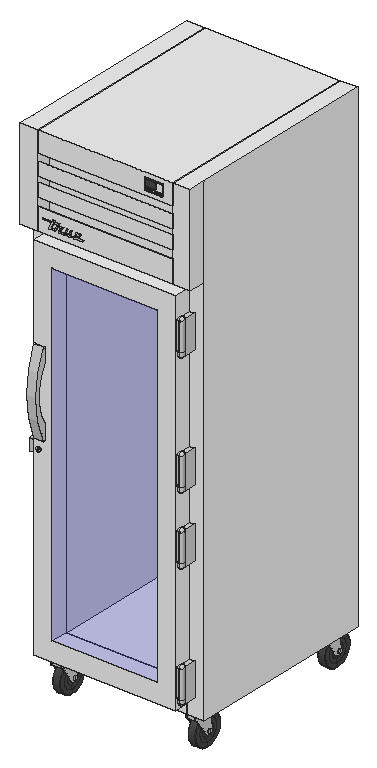
Revit family
Parameters
  Weight in Pounds = 0
  Watts = 1500 W
  Volts = 208 V
  URL Cutsheet = "www.truemfg.com"
  URL = "www.truemfg.com"
  Type Mark [instance] = ""
  Type Comments = ""
  Status [instance] = ""
  Specification by User [instance] = ""
  Specification by Manufacturer = ""
  Show Seismic Flanged [instance] = no
  Show Logo [instance] = yes
  Show Legs [instance] = no
  Show Clearance [instance] = yes
  Serial Number = ""
  Seismic Rating = ""
  Seismic Plate [instance] = and(Show Seismic Flanged, not(Show Casters))  # no
  SMACNA No = ""
  Revision Code [instance] = ""
  Phase = 1
  Omniclass Number and Title = ""
  Number of Poles [instance] = 1
  NAFEM Spec ID Number = ""
  Model = "STR1H-1G"
  Min Ckt Ampacity = 0 A
  Max Overcurrent Protection = 0 A
  Masterspec = ""
  Manufacturer = "TRUE FOOD SERVICE EQUIPMENT, INC."
  Length = 27 1/2"
  Legs [instance] = or(Show Legs, Show Seismic Flanged)  # no
  Item Number [instance] = ""
  Installed By [instance] = ""
  Identify Quantity as Lot [instance] = yes
  Height = 77 3/4"
  HP = ""
  Furnished By [instance] = ""
  Foodservice Equipment Identifier [instance] = yes
  FL Amps = Watts / Volts  # 7.21154 A
  Electrical Remarks [instance] = ""
  Electric Connection Type [instance] = ""
  Elec Conn RI Height [instance] = 0"
  Elec Conn Connection Height [instance] = 0"
  Description = "Reach-in Glass Swing Door Heated Cabinet"
  Depth = 33 3/4"
  Cycle = 60 Hz
  Conn Plug = "6-15P"
  Conn Conduit = yes
  Show Casters [instance] = and(not(if(Show Legs, Show Legs, Show Legs)), not(if(Show Legs, Show Legs, Show Seismic Flanged)))  # yes
  CSI MasterFormat = ""
  CSI Master Format = ""
  Apparent Power = if(Phase = 3, Volts * FL Amps * 1.73, Volts * FL Amps)  # 1500 VA
Reference planes (in)
  plane 1 "BACK": y = 0
  plane 2: z = 0
  plane 3 "LEFT": x = 0
  plane 4 "RIGHT": x = 27.5
  plane 5 "FRONT": y = -33.75
  plane 6 "TOP": z = 84.125
  plane 7: z = 6.125
  plane 8: x = 2.84375
  plane 9: y = -33.7042
Forms (in)
  Extrusion 1, solid, material "QF_Finishes_Chrome - Satin"
    sketch origin (0.05, 0, 0) x (1, 0, 0) y (0, 1, 0)
      loop
        line (-0.05, 0) -> (-0.05, -31) -> (2.87859, -31) -> (2.87859, 0) -> (-0.05, 0)
    from 6.125 to 84.125
  Extrusion 2, solid, material "QF_Finishes_Chrome - Satin"
    sketch origin (50.15, 0, 0) x (1, 0, 0) y (0, 1, 0)
      loop
        line (-25.44375, 0) -> (-25.44375, -31) -> (-22.65, -31) -> (-22.65, 0) -> (-25.44375, 0)
    from 6.125 to 84.125
  Extrusion 3, solid, material "QF_Finishes_Chrome - Satin"
    sketch origin (0, 0, 0) x (0, 1, 0) y (0, 0, 1)
      loop
        line (-33.7042, 69.5) -> (-31, 69.5) -> (-31, 67) -> (-30, 67) -> (-30, 69.5) -> (-2, 69.5) -> (-2, 8.98627) -> (-31, 8.98627) -> (-31, 6.125) -> (0, 6.125) -> (0, 84.125) -> (-33.7042, 84.125) -> (-33.7042, 80.78078) -> (-31.5, 79.21352) -> (-31.5, 78.09125) -> (-33.7042, 79.65851) -> (-33.7042, 77.5248) -> (-31.5, 75.95754) -> (-31.5, 74.99678) -> (-33.7042, 76.56404) -> (-33.7042, 74.46784) -> (-31.5, 72.90057) -> (-31.5, 71.625) -> (-33.7042, 73.19226) -> (-33.7042, 69.5)
    from 2.92859 to 24.70625
  Extrusion 4, solid, material "QF_Finishes_Chrome - Satin"
    sketch origin (0, 0, 0) x (1, 0, 0) y (0, 1, 0)
      loop
        line (27.45312, -31) -> (24.70625, -31) -> (24.70625, -33.75) -> (27.45312, -33.75) -> (27.45312, -31)
    from 69.5 to 84.125
  Extrusion 5, solid, material "QF_Finishes_Chrome - Satin"
    sketch origin (-50.125, 0, 0.25) x (1, 0, 0) y (0, 1, 0)
      loop
        line (53.05359, -31) -> (50.17188, -31) -> (50.17188, -33.75) -> (53.05359, -33.75) -> (53.05359, -31)
    from 69.25 to 83.875
  Extrusion 6, solid, material "QF_Finishes_Chrome - Satin"
    sketch origin (-24.96875, 0, -0.71875) x (1, 0, 0) y (0, 0, 1)
      loop
        line (27.15625, 8.75) -> (50.09375, 8.75) -> (50.09375, 68.6875) -> (27.15625, 68.6875) -> (27.15625, 8.75)
      loop
        line (30.15625, 65.6875) -> (30.15625, 11.75) -> (47.1875, 11.75) -> (47.1875, 65.6875) -> (30.15625, 65.6875)
    from 31 to 33.75
  Extrusion 7, solid, material "QF_Finishes_Handrails and Railings"
    sketch origin (-8.40259, -0.25, 93.45208) x (0, 1, 0) y (0, 0, 1)
      loop
        line (-33.5, -53.875) -> (-33.5, -51.475)
        arc (-33.5, -51.475) -> (-34.65816, -47.075) -> (-33.5, -42.675) r 8.93715
        line (-33.5, -42.675) -> (-33.5, -40.275) -> (-33.7, -40.275)
        arc (-33.7, -40.275) -> (-35.14405, -47.075) -> (-33.7, -53.875) r 16.7325
        line (-33.7, -53.875) -> (-33.5, -53.875)
    from 10.87731 to 12.37731
  Extrusion 8, solid, material "QF_Finishes_Handrails and Railings"
    sketch origin (-23.375, 0, -2) x (1, 0, 0) y (0, 0, 1)
      loop
        circle (26.4375, 40.0625) r 0.35
      loop
        line (26.47265, 40.33635) -> (26.41715, 40.33635) -> (26.41715, 39.76895) -> (26.47265, 39.76895) -> (26.47265, 40.33635)
    from 33.5 to 33.83066
  Extrusion 9, solid, material "QF_Finishes_Handrails and Railings", visible <- "Show Logo"
    sketch origin (0.33478, 1.08173, -6.73143) x (1, 0, 0) y (0, 0, 1)
      loop
        line (3.46044, 78.46231) -> (3.35478, 78.23573) -> (4.76027, 78.23573)
        arc (4.76027, 78.23573) -> (4.78879, 78.18528) -> (4.76027, 78.13484) r 0.05887
        line (4.76027, 78.13484) -> (4.39369, 77.34872)
        arc (4.39369, 77.34872) -> (4.39051, 77.27591) -> (4.43975, 77.22217) r 0.09523
        line (4.43975, 77.22217) -> (5.33844, 77.22217)
        arc (5.33844, 77.22217) -> (5.45192, 77.25795) -> (5.52436, 77.35235) r 0.19785
        line (5.52436, 77.35235) -> (5.81285, 77.97101) -> (6.0779, 77.97101)
        arc (6.0779, 77.97101) -> (6.14744, 77.94543) -> (6.13737, 77.87203) r 0.05911
        line (6.13737, 77.87203) -> (5.89598, 77.35437)
        arc (5.89598, 77.35437) -> (5.89974, 77.2684) -> (5.97231, 77.22217) r 0.09318
        line (5.97231, 77.22217) -> (6.76198, 77.22217)
        arc (6.76198, 77.22217) -> (6.82249, 77.24419) -> (6.85468, 77.29995) r 0.09412
        arc (6.85468, 77.29995) -> (6.87746, 77.24495) -> (6.93246, 77.22217) r 0.07778
        line (6.93246, 77.22217) -> (7.43246, 77.22217)
        arc (7.43246, 77.22217) -> (7.49022, 77.23765) -> (7.53251, 77.27993) r 0.11552
        arc (7.53251, 77.27993) -> (7.55275, 77.23106) -> (7.60162, 77.21081) r 0.06912
        line (7.60162, 77.21081) -> (8.31225, 77.21081)
        arc (8.31225, 77.21081) -> (8.37034, 77.23488) -> (8.39441, 77.29297) r 0.08216
        arc (8.39441, 77.29297) -> (8.44767, 77.23972) -> (8.52042, 77.22022) r 0.14551
        line (8.52042, 77.22022) -> (9.85158, 77.22022) -> (9.99946, 77.47634) -> (8.65678, 77.47634)
        arc (8.65678, 77.47634) -> (8.61972, 77.50204) -> (8.61834, 77.54711) r 0.05009
        line (8.61834, 77.54711) -> (8.64157, 77.59692)
        arc (8.64157, 77.59692) -> (8.67723, 77.64364) -> (8.73327, 77.66135) r 0.09747
        line (8.73327, 77.66135) -> (9.16485, 77.66135)
        arc (9.16485, 77.66135) -> (9.258, 77.68631) -> (9.32619, 77.7545) r 0.1863
        line (9.32619, 77.7545) -> (9.45119, 77.97101)
        arc (9.45119, 77.97101) -> (9.45119, 78.08657) -> (9.35111, 78.14434) r 0.11556
        line (9.35111, 78.14434) -> (8.89562, 78.14434)
        arc (8.89562, 78.14434) -> (8.7795, 78.12462) -> (8.69849, 78.03912) r 0.18605
        line (8.69849, 78.03912) -> (8.48204, 77.57493)
        arc (8.48204, 77.57493) -> (8.41815, 77.49167) -> (8.31806, 77.46011) r 0.1745
        line (8.31806, 77.46011) -> (7.84559, 77.46011)
        arc (7.84559, 77.46011) -> (7.78903, 77.52184) -> (7.79268, 77.60548) r 0.10939
        line (7.79268, 77.60548) -> (8.04395, 78.14434) -> (7.88403, 78.14434) -> (7.61781, 77.57344)
        arc (7.61781, 77.57344) -> (7.56609, 77.50603) -> (7.48505, 77.48048) r 0.14128
        line (7.48505, 77.48048) -> (7.15925, 77.48048)
        arc (7.15925, 77.48048) -> (7.10419, 77.55223) -> (7.116, 77.64189) r 0.11816
        line (7.116, 77.64189) -> (7.3503, 78.14434) -> (7.18514, 78.14434) -> (6.91546, 77.566)
        arc (6.91546, 77.566) -> (6.85285, 77.50339) -> (6.76733, 77.48048) r 0.17104
        line (6.76733, 77.48048) -> (6.29555, 77.48048)
        arc (6.29555, 77.48048) -> (6.21082, 77.51999) -> (6.20267, 77.61313) r 0.0935
        line (6.20267, 77.61313) -> (6.35774, 77.94569) -> (6.57695, 77.94569)
        arc (6.57695, 77.94569) -> (6.61395, 78.05717) -> (6.69267, 78.14434) r 0.2857
        line (6.69267, 78.14434) -> (5.83605, 78.14434)
        arc (5.83605, 78.14434) -> (5.74086, 78.12324) -> (5.67498, 78.05135) r 0.16212
        line (5.67498, 78.05135) -> (5.44279, 77.55341)
        arc (5.44279, 77.55341) -> (5.3894, 77.50002) -> (5.31647, 77.48048) r 0.14586
        line (5.31647, 77.48048) -> (4.80506, 77.48048)
        arc (4.80506, 77.48048) -> (4.76514, 77.53442) -> (4.77274, 77.60109) r 0.09155
        line (4.77274, 77.60109) -> (5.11018, 78.23573) -> (5.96155, 78.23573) -> (6.06721, 78.46231) -> (5.21584, 78.46231) -> (5.32149, 78.68888) -> (5.01862, 78.68888) -> (4.91297, 78.46231) -> (3.46044, 78.46231)
      loop
        arc (8.83805, 77.93863) -> (8.80119, 77.92875) -> (8.7742, 77.90176) r 0.07373
        line (8.7742, 77.90176) -> (8.75229, 77.83436)
        arc (8.75229, 77.83436) -> (8.76245, 77.80983) -> (8.78699, 77.79966) r 0.0347
        line (8.78699, 77.79966) -> (9.15948, 77.79966)
        arc (9.15948, 77.79966) -> (9.18632, 77.80561) -> (9.20812, 77.82234) r 0.0635
        line (9.20812, 77.82234) -> (9.22624, 77.90622)
        arc (9.22624, 77.90622) -> (9.22091, 77.92868) -> (9.20009, 77.93863) r 0.02676
        line (9.20009, 77.93863) -> (8.83805, 77.93863)
    from 34.76797 to 34.83173
  Extrusion 10, solid, material "QF_Finishes_White"
    sketch origin (-23.16691, 1.06376, 1.58022) x (1, 0, 0) y (0, 0, 1)
      loop
        line (43.31732, 81.73227) -> (43.31732, 79.98496) -> (46.22357, 79.98496) -> (46.22357, 81.73227) -> (43.31732, 81.73227)
    from 34.75 to 34.76797
  Extrusion 11, solid, material "QF_Finishes_Black"
    sketch origin (-23.16691, 1.06376, 1.58022) x (1, 0, 0) y (0, 0, 1)
      loop
        line (46.28607, 81.79477) -> (43.25482, 81.79477) -> (43.25482, 79.92246) -> (46.28607, 79.92246) -> (46.28607, 81.79477)
      loop
        spline (43.45482, 80.25372) -> (43.46333, 80.23754) -> (43.48831, 80.22247) -> (43.52804, 80.20952) -> (43.57982, 80.19959) -> (43.64011, 80.19335) -> (43.70482, 80.19122) -> (43.76952, 80.19335) -> (43.82982, 80.19959) -> (43.88159, 80.20952) -> (43.92132, 80.22247) -> (43.9463, 80.23754) -> (43.95482, 80.25372)
        spline (43.95482, 80.25372) -> (43.9463, 80.26989) -> (43.92132, 80.28497) -> (43.88159, 80.29791) -> (43.82982, 80.30784) -> (43.76952, 80.31409) -> (43.70482, 80.31622) -> (43.64011, 80.31409) -> (43.57982, 80.30784) -> (43.52804, 80.29791) -> (43.48831, 80.28497) -> (43.46333, 80.26989) -> (43.45482, 80.25372)
      loop
        spline (44.15083, 80.25372) -> (44.15935, 80.23754) -> (44.18432, 80.22247) -> (44.22405, 80.20952) -> (44.27583, 80.19959) -> (44.33612, 80.19335) -> (44.40083, 80.19122) -> (44.46553, 80.19335) -> (44.52583, 80.19959) -> (44.57761, 80.20952) -> (44.61734, 80.22247) -> (44.64231, 80.23754) -> (44.65083, 80.25372)
        spline (44.65083, 80.25372) -> (44.64231, 80.26989) -> (44.61734, 80.28497) -> (44.57761, 80.29791) -> (44.52583, 80.30784) -> (44.46553, 80.31409) -> (44.40083, 80.31622) -> (44.33612, 80.31409) -> (44.27583, 80.30784) -> (44.22405, 80.29791) -> (44.18432, 80.28497) -> (44.15935, 80.26989) -> (44.15083, 80.25372)
      loop
        spline (44.90083, 80.25372) -> (44.90935, 80.23754) -> (44.93432, 80.22247) -> (44.97405, 80.20952) -> (45.02583, 80.19959) -> (45.08612, 80.19335) -> (45.15083, 80.19122) -> (45.21553, 80.19335) -> (45.27583, 80.19959) -> (45.32761, 80.20952) -> (45.36734, 80.22247) -> (45.39231, 80.23754) -> (45.40083, 80.25372)
        spline (45.40083, 80.25372) -> (45.39231, 80.26989) -> (45.36734, 80.28497) -> (45.32761, 80.29791) -> (45.27583, 80.30784) -> (45.21553, 80.31409) -> (45.15083, 80.31622) -> (45.08612, 80.31409) -> (45.02583, 80.30784) -> (44.97405, 80.29791) -> (44.93432, 80.28497) -> (44.90935, 80.26989) -> (44.90083, 80.25372)
      loop
        line (43.45481, 81.59478) -> (43.45481, 80.59478) -> (45.15433, 80.59478) -> (45.15433, 81.59478) -> (43.45481, 81.59478)
      loop
        line (46.22357, 81.73227) -> (43.31732, 81.73227) -> (43.31732, 79.98496) -> (46.22357, 79.98496) -> (46.22357, 81.73227)
      loop
        spline (45.65083, 80.25372) -> (45.65935, 80.23754) -> (45.68432, 80.22247) -> (45.72405, 80.20952) -> (45.77583, 80.19959) -> (45.83612, 80.19335) -> (45.90083, 80.19122) -> (45.96553, 80.19335) -> (46.02583, 80.19959) -> (46.07761, 80.20952) -> (46.11734, 80.22247) -> (46.14231, 80.23754) -> (46.15083, 80.25372)
        spline (46.15083, 80.25372) -> (46.14231, 80.26989) -> (46.11734, 80.28497) -> (46.07761, 80.29791) -> (46.02583, 80.30784) -> (45.96553, 80.31409) -> (45.90083, 80.31622) -> (45.83612, 80.31409) -> (45.77583, 80.30784) -> (45.72405, 80.29791) -> (45.68432, 80.28497) -> (45.65935, 80.26989) -> (45.65083, 80.25372)
    from 34.76797 to 34.80335
  Extrusion 12, solid
    sketch origin (-25.125, 0, 0) x (1, 0, 0) y (0, 0, 1)
      loop
        circle (49.375, 82) r 0.25
    from 0 to 0.0625
  Blend 13, solid, material "QF_Finishes_Handrails and Railings"
    base sketch origin (27.53125, 0, 0) x (-1, 0, 0) y (0, 0, -1)
      loop
        line (25.25, -38.99169) -> (26, -38.99169) -> (26, -37.24169) -> (25.25, -37.24169) -> (25.25, -38.99169)
    top sketch origin (27.53125, 0, 0) x (-1, 0, 0) y (0, 0, -1)
      loop
        line (26.18223, -36.6441) -> (25.25, -36.6441) -> (25.25, -39.42643) -> (26.18223, -39.42643) -> (26.18223, -36.6441)
    from 33.57883 to 31
  Extrusion 14, solid, material "QF_Finishes_Handrails and Railings"
    sketch origin (26.1875, 0, 0) x (0, 1, 0) y (0, 0, -1)
      loop
        line (-31, -64.55229) -> (-31, -59.23627) -> (-33.25, -59.23627) -> (-33.25, -59.94848) -> (-32.81497, -59.94848) -> (-32.81497, -64.34776)
        arc (-32.81497, -64.34776) -> (-32.75506, -64.49238) -> (-32.61044, -64.55229) r 0.20453
        line (-32.61044, -64.55229) -> (-31, -64.55229)
    from 0.17506 to 1
  Revolve 15, solid, material "QF_Finishes_Handrails and Railings"
    sketch origin (25.6875, 0, 0) x (0, 1, 0) y (0, 0, -1)
      loop
        line (-33.26563, -60.00189) -> (-33.67229, -60.00189) -> (-33.67229, -64.4736)
        arc (-33.67229, -64.4736) -> (-33.53722, -64.72557) -> (-33.26563, -64.81483) r 0.3848
        line (-33.26563, -64.81483) -> (-33.26563, -60.00189)
      loop
        line (-33.26563, -59.94848) -> (-33.26563, -59.04781)
        arc (-33.26563, -59.04781) -> (-33.53264, -59.13383) -> (-33.67229, -59.37712) r 0.38884
        line (-33.67229, -59.37712) -> (-33.67229, -59.94848) -> (-33.26563, -59.94848)
      axis (-33.26563, -59.04781) -> (-33.26563, -64.81483)
    angle from 0 to 360
  Extrusion 16, solid, material "QF_Finishes_Handrails and Railings"
    sketch origin (27.5, 0, 0) x (-1, 0, 0) y (0, 0, -1)
      loop
        line (1.91491, -64.4736) -> (2.3125, -64.4736) -> (2.3125, -60.00079) -> (1.91491, -60.00079) -> (1.91491, -64.4736)
    from 32.81497 to 33.59495
  Extrusion 17, solid, material "QF_Finishes_Handrails and Railings"
    sketch origin (26.1875, 0, -19.5) x (0, 1, 0) y (0, 0, -1)
      loop
        line (-31, -64.55229) -> (-31, -59.23627) -> (-33.25, -59.23627) -> (-33.25, -59.94848) -> (-32.81497, -59.94848) -> (-32.81497, -64.34776)
        arc (-32.81497, -64.34776) -> (-32.75506, -64.49238) -> (-32.61044, -64.55229) r 0.20453
        line (-32.61044, -64.55229) -> (-31, -64.55229)
    from 0.17506 to 1
  Revolve 18, solid, material "QF_Finishes_Handrails and Railings"
    sketch origin (25.6875, 0, -19.5) x (0, 1, 0) y (0, 0, -1)
      loop
        line (-33.26563, -60.00189) -> (-33.67229, -60.00189) -> (-33.67229, -64.4736)
        arc (-33.67229, -64.4736) -> (-33.53722, -64.72557) -> (-33.26563, -64.81483) r 0.3848
        line (-33.26563, -64.81483) -> (-33.26563, -60.00189)
      loop
        line (-33.26563, -59.94848) -> (-33.26563, -59.04781)
        arc (-33.26563, -59.04781) -> (-33.53264, -59.13383) -> (-33.67229, -59.37712) r 0.38884
        line (-33.67229, -59.37712) -> (-33.67229, -59.94848) -> (-33.26563, -59.94848)
      axis (-33.26563, -59.04781) -> (-33.26563, -64.81483)
    angle from 0 to 360
  Extrusion 19, solid, material "QF_Finishes_Handrails and Railings"
    sketch origin (27.5, 0, -19.5) x (-1, 0, 0) y (0, 0, -1)
      loop
        line (1.91491, -64.4736) -> (2.3125, -64.4736) -> (2.3125, -60.00079) -> (1.91491, -60.00079) -> (1.91491, -64.4736)
    from 32.81497 to 33.59495
  Extrusion 20, solid, material "QF_Finishes_Handrails and Railings"
    sketch origin (26.1875, 0, -30.5) x (0, 1, 0) y (0, 0, -1)
      loop
        line (-31, -64.55229) -> (-31, -59.23627) -> (-33.25, -59.23627) -> (-33.25, -59.94848) -> (-32.81497, -59.94848) -> (-32.81497, -64.34776)
        arc (-32.81497, -64.34776) -> (-32.75506, -64.49238) -> (-32.61044, -64.55229) r 0.20453
        line (-32.61044, -64.55229) -> (-31, -64.55229)
    from 0.17506 to 1
  Revolve 21, solid, material "QF_Finishes_Handrails and Railings"
    sketch origin (25.6875, 0, -30.5) x (0, 1, 0) y (0, 0, -1)
      loop
        line (-33.26563, -60.00189) -> (-33.67229, -60.00189) -> (-33.67229, -64.4736)
        arc (-33.67229, -64.4736) -> (-33.53722, -64.72557) -> (-33.26563, -64.81483) r 0.3848
        line (-33.26563, -64.81483) -> (-33.26563, -60.00189)
      loop
        line (-33.26563, -59.94848) -> (-33.26563, -59.04781)
        arc (-33.26563, -59.04781) -> (-33.53264, -59.13383) -> (-33.67229, -59.37712) r 0.38884
        line (-33.67229, -59.37712) -> (-33.67229, -59.94848) -> (-33.26563, -59.94848)
      axis (-33.26563, -59.04781) -> (-33.26563, -64.81483)
    angle from 0 to 360
  Extrusion 22, solid, material "QF_Finishes_Handrails and Railings"
    sketch origin (27.5, 0, -30.5) x (-1, 0, 0) y (0, 0, -1)
      loop
        line (1.91491, -64.4736) -> (2.3125, -64.4736) -> (2.3125, -60.00079) -> (1.91491, -60.00079) -> (1.91491, -64.4736)
    from 32.81497 to 33.59495
  Extrusion 23, solid, material "QF_Finishes_Handrails and Railings"
    sketch origin (26.1875, 0, -50.25) x (0, 1, 0) y (0, 0, -1)
      loop
        line (-31, -64.55229) -> (-31, -59.23627) -> (-33.25, -59.23627) -> (-33.25, -59.94848) -> (-32.81497, -59.94848) -> (-32.81497, -64.34776)
        arc (-32.81497, -64.34776) -> (-32.75506, -64.49238) -> (-32.61044, -64.55229) r 0.20453
        line (-32.61044, -64.55229) -> (-31, -64.55229)
    from 0.17506 to 1
  Revolve 24, solid, material "QF_Finishes_Handrails and Railings"
    sketch origin (25.6875, 0, -50.25) x (0, 1, 0) y (0, 0, -1)
      loop
        line (-33.26563, -60.00189) -> (-33.67229, -60.00189) -> (-33.67229, -64.4736)
        arc (-33.67229, -64.4736) -> (-33.53722, -64.72557) -> (-33.26563, -64.81483) r 0.3848
        line (-33.26563, -64.81483) -> (-33.26563, -60.00189)
      loop
        line (-33.26563, -59.94848) -> (-33.26563, -59.04781)
        arc (-33.26563, -59.04781) -> (-33.53264, -59.13383) -> (-33.67229, -59.37712) r 0.38884
        line (-33.67229, -59.37712) -> (-33.67229, -59.94848) -> (-33.26563, -59.94848)
      axis (-33.26563, -59.04781) -> (-33.26563, -64.81483)
    angle from 0 to 360
  Extrusion 25, solid, material "QF_Finishes_Handrails and Railings"
    sketch origin (27.5, 0, -50.25) x (-1, 0, 0) y (0, 0, -1)
      loop
        line (1.91491, -64.4736) -> (2.3125, -64.4736) -> (2.3125, -60.00079) -> (1.91491, -60.00079) -> (1.91491, -64.4736)
    from 32.81497 to 33.59495
  Revolve 26, solid, material "QF_Finishes_Black", visible <- "Show Casters"
    sketch origin (22.65625, -27.375, 0) x (1, 0, 0) y (0, 0, 1)
      loop
        line (1.475, 5) -> (1.375, 4.9) -> (1.375, 4.29941) -> (1.53601, 4.29941) -> (1.53601, 3.54941) -> (1.375, 3.54941) -> (1.375, 2.79941) -> (0.975, 2.79941) -> (0.975, 2.5) -> (3.025, 2.5) -> (3.025, 2.79941) -> (2.62908, 2.79941) -> (2.62908, 3.54941) -> (2.46399, 3.54941) -> (2.46399, 4.29941) -> (2.62908, 4.29941) -> (2.62908, 4.89592) -> (2.525, 5) -> (1.475, 5)
      axis (3.025, 2.5) -> (0.975, 2.5)
    angle from 0 to 360
  Extrusion 27, solid, material "QF_Finishes_Handrails and Railings", visible <- "Show Casters"
    sketch origin (22.5625, 0, 0) x (0, 1, 0) y (0, 0, 1)
      loop
        line (-29.95136, 5.48574) -> (-29.95136, 4.88089) -> (-29.70136, 4.88089) -> (-27.95216, 2.18736)
        arc (-27.95216, 2.18736) -> (-27.23883, 1.94868) -> (-26.84581, 2.59003) r 0.60416
        line (-26.84581, 2.59003) -> (-27.20136, 5.48574) -> (-29.95136, 5.48574)
      loop
        line (-3.8577, 5.48574) -> (-3.8577, 4.88089) -> (-3.6077, 4.88089) -> (-1.8585, 2.18736)
        arc (-1.8585, 2.18736) -> (-1.14517, 1.94868) -> (-0.75215, 2.59003) r 0.60416
        line (-0.75215, 2.59003) -> (-1.1077, 5.48574) -> (-3.8577, 5.48574)
    from 1.175 to 1.325
  Extrusion 28, solid, material "QF_Finishes_Handrails and Railings", visible <- "Show Casters"
    sketch origin (24.0625, 0, 0) x (0, 1, 0) y (0, 0, 1)
      loop
        line (-29.95136, 5.48574) -> (-29.95136, 4.88089) -> (-29.70136, 4.88089) -> (-27.95216, 2.18736)
        arc (-27.95216, 2.18736) -> (-27.23883, 1.94868) -> (-26.84581, 2.59003) r 0.60416
        line (-26.84581, 2.59003) -> (-27.20136, 5.48574) -> (-29.95136, 5.48574)
      loop
        line (-3.8577, 5.48574) -> (-3.8577, 4.88089) -> (-3.6077, 4.88089) -> (-1.8585, 2.18736)
        arc (-1.8585, 2.18736) -> (-1.14517, 1.94868) -> (-0.75215, 2.59003) r 0.60416
        line (-0.75215, 2.59003) -> (-1.1077, 5.48574) -> (-3.8577, 5.48574)
    from 1.175 to 1.325
  Revolve 29, solid, material "QF_Finishes_Chrome - Satin", visible <- "Show Casters"
    sketch origin (22.65625, -28.5625, -0.5) x (1, 0, 0) y (0, 0, 1)
      loop
        line (2, 5.99546) -> (2, 6.62359) -> (0.70293, 6.62359) -> (0.70293, 5.99546) -> (2, 5.99546)
      axis (2, 5.99546) -> (2, 6.62359)
    angle from 0 to 360
  Revolve 30, solid, material "QF_Finishes_Chrome - Satin", visible <- "Legs"
    sketch origin (22.65625, -2.69102, 0) x (1, 0, 0) y (0, 0, 1)
      loop
        line (2, 6.125) -> (0.66662, 6.125) -> (1.25, 1) -> (1.5, 1) -> (1.5, 0) -> (2, 0) -> (2, 6.125)
      axis (2, 0) -> (2, 6.125)
    angle from 0 to 360
  Revolve 31, solid, material "QF_Finishes_Chrome - Satin", visible <- "Legs"
    sketch origin (22.65625, -28.65977, 0) x (1, 0, 0) y (0, 0, 1)
      loop
        line (2, 6.125) -> (0.66662, 6.125) -> (1.25, 1) -> (1.5, 1) -> (1.5, 0) -> (2, 0) -> (2, 6.125)
      axis (2, 0) -> (2, 6.125)
    angle from 0 to 360
  Revolve 32, solid, material "QF_Finishes_Chrome - Satin", visible <- "Show Casters"
    sketch origin (22.65625, -2.70321, -0.5) x (1, 0, 0) y (0, 0, 1)
      loop
        line (2, 5.99546) -> (2, 6.62359) -> (0.70293, 6.62359) -> (0.70293, 5.99546) -> (2, 5.99546)
      axis (2, 5.99546) -> (2, 6.62359)
    angle from 0 to 360
  Extrusion 33, solid, material "QF_Finishes_Handrails and Railings", visible <- "Show Casters"
    sketch origin (-25.21875, 0, 0) x (0, 1, 0) y (0, 0, 1)
      loop
        line (-29.95136, 5.48574) -> (-29.95136, 4.88089) -> (-29.70136, 4.88089) -> (-27.16533, 5.19227) -> (-27.20136, 5.48574) -> (-29.95136, 5.48574)
      loop
        line (-3.8577, 5.48574) -> (-3.8577, 4.88089) -> (-3.6077, 4.88089) -> (-1.07167, 5.19227) -> (-1.1077, 5.48574) -> (-3.8577, 5.48574)
    from 49.10625 to 50.45625
  Revolve 34, solid, material "QF_Finishes_Black", visible <- "Show Casters"
    sketch origin (22.65625, -1.21875, 0) x (1, 0, 0) y (0, 0, 1)
      loop
        line (1.475, 5) -> (1.375, 4.9) -> (1.375, 4.29941) -> (1.53601, 4.29941) -> (1.53601, 3.54941) -> (1.375, 3.54941) -> (1.375, 2.79941) -> (0.975, 2.79941) -> (0.975, 2.5) -> (3.025, 2.5) -> (3.025, 2.79941) -> (2.62908, 2.79941) -> (2.62908, 3.54941) -> (2.46399, 3.54941) -> (2.46399, 4.29941) -> (2.62908, 4.29941) -> (2.62908, 4.89592) -> (2.525, 5) -> (1.475, 5)
      axis (3.025, 2.5) -> (0.975, 2.5)
    angle from 0 to 360
  Revolve 35, solid, material "QF_Finishes_Black", visible <- "Show Casters"
    sketch origin (0.84375, -27.375, 0) x (1, 0, 0) y (0, 0, 1)
      loop
        line (1.475, 5) -> (1.375, 4.9) -> (1.375, 4.29941) -> (1.53601, 4.29941) -> (1.53601, 3.54941) -> (1.375, 3.54941) -> (1.375, 2.79941) -> (0.975, 2.79941) -> (0.975, 2.5) -> (3.025, 2.5) -> (3.025, 2.79941) -> (2.62908, 2.79941) -> (2.62908, 3.54941) -> (2.46399, 3.54941) -> (2.46399, 4.29941) -> (2.62908, 4.29941) -> (2.62908, 4.89592) -> (2.525, 5) -> (1.475, 5)
      axis (3.025, 2.5) -> (0.975, 2.5)
    angle from 0 to 360
  Extrusion 36, solid, material "QF_Finishes_Handrails and Railings", visible <- "Show Casters"
    sketch origin (0.84375, 0, 0) x (0, 1, 0) y (0, 0, 1)
      loop
        line (-29.95136, 5.48574) -> (-29.95136, 4.88089) -> (-29.70136, 4.88089) -> (-27.95216, 2.18736)
        arc (-27.95216, 2.18736) -> (-27.23883, 1.94868) -> (-26.84581, 2.59003) r 0.60416
        line (-26.84581, 2.59003) -> (-27.20136, 5.48574) -> (-29.95136, 5.48574)
      loop
        line (-3.8577, 5.48574) -> (-3.8577, 4.88089) -> (-3.6077, 4.88089) -> (-1.8585, 2.18736)
        arc (-1.8585, 2.18736) -> (-1.14517, 1.94868) -> (-0.75215, 2.59003) r 0.60416
        line (-0.75215, 2.59003) -> (-1.1077, 5.48574) -> (-3.8577, 5.48574)
    from 1.175 to 1.325
  Extrusion 37, solid, material "QF_Finishes_Handrails and Railings", visible <- "Show Casters"
    sketch origin (2.34375, 0, 0) x (0, 1, 0) y (0, 0, 1)
      loop
        line (-29.95136, 5.48574) -> (-29.95136, 4.88089) -> (-29.70136, 4.88089) -> (-27.95216, 2.18736)
        arc (-27.95216, 2.18736) -> (-27.23883, 1.94868) -> (-26.84581, 2.59003) r 0.60416
        line (-26.84581, 2.59003) -> (-27.20136, 5.48574) -> (-29.95136, 5.48574)
      loop
        line (-3.8577, 5.48574) -> (-3.8577, 4.88089) -> (-3.6077, 4.88089) -> (-1.8585, 2.18736)
        arc (-1.8585, 2.18736) -> (-1.14517, 1.94868) -> (-0.75215, 2.59003) r 0.60416
        line (-0.75215, 2.59003) -> (-1.1077, 5.48574) -> (-3.8577, 5.48574)
    from 1.175 to 1.325
  Revolve 38, solid, material "QF_Finishes_Chrome - Satin", visible <- "Show Casters"
    sketch origin (0.84375, -28.5625, -0.5) x (1, 0, 0) y (0, 0, 1)
      loop
        line (2, 5.99546) -> (2, 6.62359) -> (0.70293, 6.62359) -> (0.70293, 5.99546) -> (2, 5.99546)
      axis (2, 5.99546) -> (2, 6.62359)
    angle from 0 to 360
  Revolve 39, solid, material "QF_Finishes_Chrome - Satin", visible <- "Legs"
    sketch origin (0.84375, -2.69102, 0) x (1, 0, 0) y (0, 0, 1)
      loop
        line (2, 6.125) -> (0.66662, 6.125) -> (1.25, 1) -> (1.5, 1) -> (1.5, 0) -> (2, 0) -> (2, 6.125)
      axis (2, 0) -> (2, 6.125)
    angle from 0 to 360
  Revolve 40, solid, material "QF_Finishes_Chrome - Satin", visible <- "Legs"
    sketch origin (0.84375, -28.65977, 0) x (1, 0, 0) y (0, 0, 1)
      loop
        line (2, 6.125) -> (0.66662, 6.125) -> (1.25, 1) -> (1.5, 1) -> (1.5, 0) -> (2, 0) -> (2, 6.125)
      axis (2, 0) -> (2, 6.125)
    angle from 0 to 360
  Revolve 41, solid, material "QF_Finishes_Chrome - Satin", visible <- "Show Casters"
    sketch origin (0.84375, -2.70321, -0.5) x (1, 0, 0) y (0, 0, 1)
      loop
        line (2, 5.99546) -> (2, 6.62359) -> (0.70293, 6.62359) -> (0.70293, 5.99546) -> (2, 5.99546)
      axis (2, 5.99546) -> (2, 6.62359)
    angle from 0 to 360
  Extrusion 42, solid, material "QF_Finishes_Handrails and Railings", visible <- "Show Casters"
    sketch origin (-46.9375, 0, 0) x (0, 1, 0) y (0, 0, 1)
      loop
        line (-29.95136, 5.48574) -> (-29.95136, 4.88089) -> (-29.70136, 4.88089) -> (-27.16533, 5.19227) -> (-27.20136, 5.48574) -> (-29.95136, 5.48574)
      loop
        line (-3.8577, 5.48574) -> (-3.8577, 4.88089) -> (-3.6077, 4.88089) -> (-1.07167, 5.19227) -> (-1.1077, 5.48574) -> (-3.8577, 5.48574)
    from 49.10625 to 50.45625
  Revolve 43, solid, material "QF_Finishes_Black", visible <- "Show Casters"
    sketch origin (0.84375, -1.21875, 0) x (1, 0, 0) y (0, 0, 1)
      loop
        line (1.475, 5) -> (1.375, 4.9) -> (1.375, 4.29941) -> (1.53601, 4.29941) -> (1.53601, 3.54941) -> (1.375, 3.54941) -> (1.375, 2.79941) -> (0.975, 2.79941) -> (0.975, 2.5) -> (3.025, 2.5) -> (3.025, 2.79941) -> (2.62908, 2.79941) -> (2.62908, 3.54941) -> (2.46399, 3.54941) -> (2.46399, 4.29941) -> (2.62908, 4.29941) -> (2.62908, 4.89592) -> (2.525, 5) -> (1.475, 5)
      axis (3.025, 2.5) -> (0.975, 2.5)
    angle from 0 to 360
  Extrusion 44, solid, material "QF_Finishes_Door Clearance", visible <- "Show Clearance", detail levels coarse
    sketch origin (26.30341, -3.6098, 0) x (1, 0, 0) y (0, 1, 0)
      loop
        line (-1.17841, -30.1402) -> (-24.14716, -30.1402)
        arc (-24.14716, -30.1402) -> (-17.41977, -46.38156) -> (-1.17841, -53.10895) r 22.96875
        line (-1.17841, -53.10895) -> (-1.17841, -30.1402)
    from 8.03125 to 67.96875
  Extrusion 45, solid, material "Glass"
    sketch origin (-24.96875, 0, -0.71875) x (1, 0, 0) y (0, 0, 1)
      loop
        line (30.15625, 65.6875) -> (30.15625, 11.75) -> (47.1875, 11.75) -> (47.1875, 65.6875) -> (30.15625, 65.6875)
    from 31 to 33.75
  Extrusion 46, solid, material "QF_Finishes_Chrome - Satin", visible <- "Seismic Plate"
    sketch origin (-0.22541, -26.96562, 0) x (1, 0, 0) y (0, 1, 0)
      loop
        circle (3.06916, -1.69416) r 1.5
    from 0 to 0.25
  Extrusion 47, solid, material "QF_Finishes_Chrome - Satin", visible <- "Seismic Plate"
    sketch origin (-0.22541, -0.99687, 0) x (1, 0, 0) y (0, 1, 0)
      loop
        circle (3.06916, -1.69416) r 1.5
    from 0 to 0.25
  Extrusion 48, solid, material "QF_Finishes_Chrome - Satin", visible <- "Seismic Plate"
    sketch origin (21.49334, -0.99687, 0) x (1, 0, 0) y (0, 1, 0)
      loop
        circle (3.16291, -1.69416) r 1.5
    from 0 to 0.25
  Extrusion 49, solid, material "QF_Finishes_Chrome - Satin", visible <- "Seismic Plate"
    sketch origin (21.49334, -26.96562, 0) x (1, 0, 0) y (0, 1, 0)
      loop
        circle (3.16291, -1.69416) r 1.5
    from 0 to 0.25
Cuts and joins
  joined: Extrusion 1, Extrusion 2, Extrusion 4, Extrusion 5
Lines and regions (in)
  symbolic lines
    curve 1: line (0, 0, 0) -> (27.5, 0, 0)
    curve 2: line (0, -33.75, 0) -> (0, 0, 0)
    curve 3: line (27.5, -33.75, 0) -> (0, -33.75, 0)
    curve 4: line (27.5, 0, 0) -> (27.5, -33.75, 0)
    curve 5: line (27.5, -31.5, 0) -> (0, -31.5, 0)
    curve 24: line (3.97472, -33.75, 0) -> (3.97472, -35.38415, 0)
    curve 25: line (3.97472, -35.38415, 0) -> (2.47472, -35.38415, 0)
    curve 26: line (2.47472, -35.38415, 0) -> (2.47472, -33.75, 0)
    curve 27: line (2.47472, -33.95, 0) -> (3.97472, -33.95, 0)
  symbolic lines, style "SpecialityEquipmentHiddenLines", visible <- "Show Casters"
    curve 6: line (3.82597, -24.4208, 0) -> (5.12501, -25.1708, 0)
    curve 7: line (1.20097, -28.96743, 0) -> (3.82597, -24.4208, 0)
    curve 8: line (2.50001, -29.71743, 0) -> (1.20097, -28.96743, 0)
    curve 9: line (5.12501, -25.1708, 0) -> (2.50001, -29.71743, 0)
    curve 10: line (3.82597, -0.4208, 0) -> (5.12501, -1.1708, 0)
    curve 11: line (1.20097, -4.96743, 0) -> (3.82597, -0.4208, 0)
    curve 12: line (2.50001, -5.71743, 0) -> (1.20097, -4.96743, 0)
    curve 13: line (5.12501, -1.1708, 0) -> (2.50001, -5.71743, 0)
    curve 14: line (24.73343, -0.4208, 0) -> (26.03247, -1.1708, 0)
    curve 15: line (22.10843, -4.96743, 0) -> (24.73343, -0.4208, 0)
    curve 16: line (23.40747, -5.71743, 0) -> (22.10843, -4.96743, 0)
    curve 17: line (26.03247, -1.1708, 0) -> (23.40747, -5.71743, 0)
    curve 18: line (24.82718, -24.52487, 0) -> (26.12622, -25.27487, 0)
    curve 19: line (22.20218, -29.07151, 0) -> (24.82718, -24.52487, 0)
    curve 20: line (23.50122, -29.82151, 0) -> (22.20218, -29.07151, 0)
    curve 21: line (26.12622, -25.27487, 0) -> (23.50122, -29.82151, 0)
  symbolic lines, style "QF-Door Swings", visible <- "Show Clearance", detail levels coarse
    curve 22: line (25.125, -33.75, 0) -> (25.125, -56.71875, 0)
    curve 23: arc (25.125, -56.71875, 0) -> (8.88364, -49.99136, 0) -> (2.15625, -33.75, 0) r 22.96875
Dimensions and locks (in)
  "Depth": plane 5 "FRONT" to plane 1 "BACK"
  plane 7 to level = 6 1/8"
  plane 6 "TOP" to level = 84 1/8"
  plane 6 "TOP" to plane 7 = 78"
  plane 6 "TOP" to cut or joined group of Extrusion 1, Extrusion 2, Extrusion 4, Extrusion 5 = 14 5/8"
  Extrusion 6 sketch curve to Extrusion 6 sketch curve = 22 15/16"
  Extrusion 6 to plane 1 "BACK" = 33 3/4"
  "Length": plane 3 "LEFT" to plane 4 "RIGHT"
  plane 4 "RIGHT" to plane 3 "LEFT" = 27 1/2"
  cut or joined group of Extrusion 1, Extrusion 2, Extrusion 4, Extrusion 5 to cut or joined group of Extrusion 1, Extrusion 2, Extrusion 4, Extrusion 5 = 27 13/32"
  locked: Extrusion 6 sketch curve to Extrusion 6 sketch curve at 3
  Extrusion 6 to Extrusion 6 = 22 15/16"
  aligned and locked: level to plane 2
Automatic sketch dimensions
  Extrusion 1 sketch curve to plane 3 "LEFT" = 0"
  plane 1 "BACK" to Extrusion 1 sketch curve = 0"
  plane 8 to Extrusion 1 sketch curve = 0.08484"
  Extrusion 1 sketch curve to plane 5 "FRONT" = 2 3/4"
  plane 1 "BACK" to Extrusion 2 sketch curve = 0"
  Extrusion 2 sketch curve to plane 4 "RIGHT" = 0"
  Extrusion 2 sketch curve to plane 4 "RIGHT" = 2.79375"
  Extrusion 2 sketch curve to plane 5 "FRONT" = 2 3/4"
  plane 5 "FRONT" to Extrusion 4 sketch curve = 0"
  Extrusion 4 sketch curve to plane 4 "RIGHT" = 2.79375"
  Extrusion 4 sketch curve to plane 4 "RIGHT" = 3/64"
  Extrusion 4 sketch curve to plane 5 "FRONT" = 2 3/4"
  plane 5 "FRONT" to Extrusion 5 sketch curve = 0"
  plane 3 "LEFT" to Extrusion 5 sketch curve = 3/64"
  plane 8 to Extrusion 5 sketch curve = 0.08484"
  Extrusion 5 sketch curve to plane 5 "FRONT" = 2 3/4"
  Extrusion 6 sketch curve to plane 8 = 21/32"
  Extrusion 6 sketch curve to Extrusion 6 sketch curve = 2 29/32"
  plane 7 to Extrusion 6 sketch curve = 1 29/32"
  Extrusion 6 sketch curve to Extrusion 6 sketch curve = 3"  (x2)
  Extrusion 6 sketch curve to plane 6 "TOP" = 19 5/32"
  plane 5 "FRONT" to Extrusion 7 sketch curve = 0.2"  (x2)
  plane 5 "FRONT" to Extrusion 7 sketch curve = 0"  (x2)
  Extrusion 7 sketch curve to plane 5 "FRONT" = 7.77899"
  Extrusion 7 sketch curve to Extrusion 7 sketch curve = 7.30945"
  plane 7 to Extrusion 7 sketch curve = 33.45208"
  Extrusion 7 sketch curve to Extrusion 7 sketch curve = 2.4"
  Extrusion 7 sketch curve to Extrusion 7 sketch curve = 4.4"
  Extrusion 7 sketch curve to Extrusion 7 sketch curve = 0"
  plane 8 to Extrusion 8 sketch curve = 0.1984"
  plane 8 to Extrusion 8 sketch curve = 7/32"
  Extrusion 8 sketch curve to Extrusion 8 sketch curve = 0.0555"
  plane 7 to Extrusion 8 sketch curve = 31.64395"
  Extrusion 8 sketch curve to Extrusion 8 sketch curve = 0.29355"
  Extrusion 8 sketch curve to Extrusion 8 sketch curve = 0.27385"
  plane 8 to Extrusion 9 sketch curve = 0.84582"
  Extrusion 9 sketch curve to Extrusion 9 sketch curve = 0.10565"  (x5)
  Extrusion 9 sketch curve to Extrusion 9 sketch curve = 1.03891"
  Extrusion 9 sketch curve to Extrusion 9 sketch curve = 0.04606"
  Extrusion 9 sketch curve to Extrusion 9 sketch curve = 0.04025"
  Extrusion 9 sketch curve to Extrusion 9 sketch curve = 0.33624"
  Extrusion 9 sketch curve to Extrusion 9 sketch curve = 0.03034"  (x2)
  Extrusion 9 sketch curve to Extrusion 9 sketch curve = 0.29274"
  Extrusion 9 sketch curve to Extrusion 9 sketch curve = 0.03232"
  Extrusion 9 sketch curve to Extrusion 9 sketch curve = 0.08083"
  Extrusion 9 sketch curve to Extrusion 9 sketch curve = 0.1527"
  Extrusion 9 sketch curve to Extrusion 9 sketch curve = 0.19721"
  Extrusion 9 sketch curve to Extrusion 9 sketch curve = 0.4629"
  Extrusion 9 sketch curve to Extrusion 9 sketch curve = 0.02197"
  Extrusion 9 sketch curve to Extrusion 9 sketch curve = 0.12632"
  Extrusion 9 sketch curve to Extrusion 9 sketch curve = 0.18591"
  Extrusion 9 sketch curve to Extrusion 9 sketch curve = 0.2322"
  Extrusion 9 sketch curve to Extrusion 9 sketch curve = 0.13786"
  Extrusion 9 sketch curve to Extrusion 9 sketch curve = 0.00907"
  Extrusion 9 sketch curve to Extrusion 9 sketch curve = 0.01413"
  Extrusion 9 sketch curve to Extrusion 9 sketch curve = 0.37162"
  Extrusion 9 sketch curve to Extrusion 9 sketch curve = 0.12551"
  Extrusion 9 sketch curve to Extrusion 9 sketch curve = 0.07633"
  Extrusion 9 sketch curve to Extrusion 9 sketch curve = 0.08445"
  Extrusion 9 sketch curve to Extrusion 9 sketch curve = 0.25598"
  Extrusion 9 sketch curve to Extrusion 9 sketch curve = 0.01887"
  Extrusion 9 sketch curve to Extrusion 9 sketch curve = 0.04061"
  Extrusion 9 sketch curve to Extrusion 9 sketch curve = 0.0653"
  Extrusion 9 sketch curve to Extrusion 9 sketch curve = 0.08474"
  Extrusion 9 sketch curve to Extrusion 9 sketch curve = 0.00815"
  Extrusion 9 sketch curve to Extrusion 9 sketch curve = 0.22037"
  Extrusion 9 sketch curve to Extrusion 9 sketch curve = 0.21921"
  Extrusion 9 sketch curve to Extrusion 9 sketch curve = 0.11572"
  Extrusion 9 sketch curve to Extrusion 9 sketch curve = 0.46643"
  Extrusion 9 sketch curve to Extrusion 9 sketch curve = 0.00535"
  Extrusion 9 sketch curve to Extrusion 9 sketch curve = 0.09269"
  Extrusion 9 sketch curve to Extrusion 9 sketch curve = 0.09348"
  Extrusion 9 sketch curve to Extrusion 9 sketch curve = 0.14812"
  Extrusion 9 sketch curve to Extrusion 9 sketch curve = 0.07778"  (x3)
  Extrusion 9 sketch curve to Extrusion 9 sketch curve = 0.20054"
  Extrusion 9 sketch curve to Extrusion 9 sketch curve = 0.04325"
  Extrusion 9 sketch curve to Extrusion 9 sketch curve = 0.32433"
  Extrusion 9 sketch curve to Extrusion 9 sketch curve = 0.10233"  (x2)
  Extrusion 9 sketch curve to Extrusion 9 sketch curve = 0.16515"
  Extrusion 9 sketch curve to Extrusion 9 sketch curve = 0.27321"
  Extrusion 9 sketch curve to Extrusion 9 sketch curve = 0.0526"
  Extrusion 9 sketch curve to Extrusion 9 sketch curve = 0.10005"
  Extrusion 9 sketch curve to Extrusion 9 sketch curve = 0.06912"
  Extrusion 9 sketch curve to Extrusion 9 sketch curve = 0.13276"
  Extrusion 9 sketch curve to Extrusion 9 sketch curve = 0.17486"
  Extrusion 9 sketch curve to Extrusion 9 sketch curve = 0.05291"
  Extrusion 9 sketch curve to Extrusion 9 sketch curve = 0.53374"
  Extrusion 9 sketch curve to Extrusion 9 sketch curve = 0.09914"  (x2)
  Extrusion 9 sketch curve to Extrusion 9 sketch curve = 0.15992"
  Extrusion 9 sketch curve to Extrusion 9 sketch curve = 0.46666"
  Extrusion 9 sketch curve to Extrusion 9 sketch curve = 0.00582"
  Extrusion 9 sketch curve to Extrusion 9 sketch curve = 0.08216"
  Extrusion 9 sketch curve to Extrusion 9 sketch curve = 0.16397"
  Extrusion 9 sketch curve to Extrusion 9 sketch curve = 0.12601"
  Extrusion 9 sketch curve to Extrusion 9 sketch curve = 0.1363"
  Extrusion 9 sketch curve to Extrusion 9 sketch curve = 0.02323"
  Extrusion 9 sketch curve to Extrusion 9 sketch curve = 0.03844"
  Extrusion 9 sketch curve to Extrusion 9 sketch curve = 0.0454"
  Extrusion 9 sketch curve to Extrusion 9 sketch curve = 0.05693"
  Extrusion 9 sketch curve to Extrusion 9 sketch curve = 0.0917"
  Extrusion 9 sketch curve to Extrusion 9 sketch curve = 0.01902"
  Extrusion 9 sketch curve to Extrusion 9 sketch curve = 0.02191"
  Extrusion 9 sketch curve to Extrusion 9 sketch curve = 0.0347"
  Extrusion 9 sketch curve to Extrusion 9 sketch curve = 0.06385"
  Extrusion 9 sketch curve to Extrusion 9 sketch curve = 0.02906"
  Extrusion 9 sketch curve to Extrusion 9 sketch curve = 0.02851"
  Extrusion 9 sketch curve to Extrusion 9 sketch curve = 0.29237"
  Extrusion 9 sketch curve to Extrusion 9 sketch curve = 0.00537"
  Extrusion 9 sketch curve to Extrusion 9 sketch curve = 0.0406"
  Extrusion 9 sketch curve to Extrusion 9 sketch curve = 0.04327"
  Extrusion 9 sketch curve to Extrusion 9 sketch curve = 0.02615"
  Extrusion 9 sketch curve to Extrusion 9 sketch curve = 0.11806"
  Extrusion 9 sketch curve to Extrusion 9 sketch curve = 0.15103"
  Extrusion 9 sketch curve to Extrusion 9 sketch curve = 0.10007"
  Extrusion 9 sketch curve to Extrusion 9 sketch curve = 0.5254"
  Extrusion 9 sketch curve to Extrusion 9 sketch curve = 0.14787"
  Extrusion 9 sketch curve to plane 6 "TOP" = 13.64562"
  Extrusion 9 sketch curve to Extrusion 9 sketch curve = 0.07275"
  Extrusion 9 sketch curve to Extrusion 9 sketch curve = 0.05776"
  Extrusion 9 sketch curve to Extrusion 9 sketch curve = 0.08631"
  Extrusion 9 sketch curve to Extrusion 9 sketch curve = 0.09282"
  Extrusion 9 sketch curve to Extrusion 9 sketch curve = 0.13018"
  Extrusion 9 sketch curve to Extrusion 9 sketch curve = 0.16714"
  Extrusion 9 sketch curve to Extrusion 9 sketch curve = 0.11061"
  Extrusion 9 sketch curve to Extrusion 9 sketch curve = 0.06046"
  Extrusion 9 sketch curve to Extrusion 9 sketch curve = 0.16548"
  Extrusion 9 sketch curve to Extrusion 9 sketch curve = 0.14279"
  Extrusion 9 sketch curve to Extrusion 9 sketch curve = 0.0496"
  Extrusion 9 sketch curve to Extrusion 9 sketch curve = 0.07293"
  Extrusion 9 sketch curve to Extrusion 9 sketch curve = 0.07764"
  Extrusion 9 sketch curve to Extrusion 9 sketch curve = 0.03794"
  Extrusion 9 sketch curve to Extrusion 9 sketch curve = 0.08552"
  Extrusion 9 sketch curve to Extrusion 9 sketch curve = 0.09296"
  Extrusion 9 sketch curve to Extrusion 9 sketch curve = 0.09314"
  Extrusion 9 sketch curve to Extrusion 9 sketch curve = 0.02781"
  Extrusion 9 sketch curve to Extrusion 9 sketch curve = 0.04981"
  Extrusion 9 sketch curve to Extrusion 9 sketch curve = 0.09315"
  Extrusion 9 sketch curve to Extrusion 9 sketch curve = 0.04799"
  Extrusion 9 sketch curve to Extrusion 9 sketch curve = 0.02531"
  Extrusion 9 sketch curve to Extrusion 9 sketch curve = 0.03054"
  Extrusion 9 sketch curve to Extrusion 9 sketch curve = 0.2589"
  Extrusion 9 sketch curve to Extrusion 9 sketch curve = 0.0674"
  Extrusion 9 sketch curve to Extrusion 9 sketch curve = 0.0324"
  Extrusion 9 sketch curve to Extrusion 9 sketch curve = 0.26185"
  Extrusion 9 sketch curve to Extrusion 9 sketch curve = 11/256"
  Extrusion 9 sketch curve to Extrusion 9 sketch curve = 0.07366"
  Extrusion 9 sketch curve to Extrusion 9 sketch curve = 0.02187"
  Extrusion 9 sketch curve to Extrusion 9 sketch curve = 0.06479"
  Extrusion 9 sketch curve to Extrusion 9 sketch curve = 0.01183"
  Extrusion 9 sketch curve to Extrusion 9 sketch curve = 0.05778"
  Extrusion 9 sketch curve to Extrusion 9 sketch curve = 0.53375"
  Extrusion 9 sketch curve to Extrusion 9 sketch curve = 0.23098"
  Extrusion 9 sketch curve to Extrusion 9 sketch curve = 0"
  Extrusion 9 sketch curve to Extrusion 9 sketch curve = 0.05045"
  Extrusion 9 sketch curve to Extrusion 9 sketch curve = 0.09139"
  Extrusion 9 sketch curve to Extrusion 9 sketch curve = 29/128"  (x3)
  Extrusion 10 sketch curve to plane 6 "TOP" = 2.55982"
  Extrusion 10 sketch curve to plane 4 "RIGHT" = 7.3496"
  Extrusion 10 sketch curve to Extrusion 10 sketch curve = 2 29/32"
  Extrusion 10 sketch curve to plane 6 "TOP" = 13/16"
  Extrusion 11 sketch curve to plane 6 "TOP" = 3/4"
  Extrusion 11 sketch curve to plane 4 "RIGHT" = 7.4121"
  Extrusion 11 sketch curve to Extrusion 11 sketch curve = 1/16"  (x4)
  Extrusion 11 sketch curve to Extrusion 11 sketch curve = 0.1375"  (x2)
  Extrusion 11 sketch curve to Extrusion 11 sketch curve = 1/4"  (x4)
  Extrusion 11 sketch curve to Extrusion 11 sketch curve = 0.44601"
  Extrusion 11 sketch curve to Extrusion 11 sketch curve = 1/2"  (x2)
  Extrusion 11 sketch curve to Extrusion 11 sketch curve = 0.0035"
  Extrusion 11 sketch curve to Extrusion 11 sketch curve = 1.06923"
  Extrusion 11 sketch curve to plane 6 "TOP" = 0.95"
  Extrusion 11 sketch curve to Extrusion 11 sketch curve = 1"
  Extrusion 11 sketch curve to Extrusion 11 sketch curve = 0.34106"  (x3)
  Extrusion 11 sketch curve to Extrusion 11 sketch curve = 0"
  Extrusion 11 sketch curve to Extrusion 11 sketch curve = 0.26876"
  Extrusion 12 sketch curve to plane 4 "RIGHT" = 3 1/4"
  Extrusion 12 sketch curve to plane 6 "TOP" = 2 1/8"
  Blend 13 sketch curve to plane 8 = 9/16"
  Blend 13 sketch curve to Blend 13 sketch curve = 3/4"
  plane 7 to Blend 13 sketch curve = 32.86669"
  Blend 13 sketch curve to Blend 13 sketch curve = 1 3/4"
  plane 8 to Blend 13 sketch curve = 9/16"
  Blend 13 sketch curve to Blend 13 sketch curve = 0.93223"
  Blend 13 sketch curve to plane 7 = 30.5191"
  Blend 13 sketch curve to Blend 13 sketch curve = 2.78233"
  Extrusion 14 sketch curve to plane 5 "FRONT" = 1/2"
  Extrusion 14 sketch curve to Extrusion 14 sketch curve = 0.43503"
  Extrusion 14 sketch curve to Extrusion 14 sketch curve = 0.20453"
  Extrusion 14 sketch curve to Extrusion 14 sketch curve = 1.61044"
  Extrusion 14 sketch curve to plane 6 "TOP" = 19.57271"
  Extrusion 14 sketch curve to Extrusion 14 sketch curve = 4.39928"
  Extrusion 14 sketch curve to Extrusion 14 sketch curve = 0.71221"
  Revolve 15 sketch curve to plane 5 "FRONT" = 0.07771"  (x2)
  Revolve 15 sketch curve to Revolve 15 sketch curve = 0.38242"
  Revolve 15 sketch curve to Revolve 15 sketch curve = 0.38436"
  Revolve 15 sketch curve to plane 5 "FRONT" = 31/64"
  Revolve 15 sketch curve to Revolve 15 sketch curve = 0.40666"
  Revolve 15 sketch curve to Revolve 15 sketch curve = 0"
  Revolve 15 sketch curve to plane 6 "TOP" = 18.75492"
  Revolve 15 sketch curve to Revolve 15 sketch curve = 0.55526"
  Revolve 15 sketch curve to Revolve 15 sketch curve = 0.19474"
  Revolve 15 sketch curve to Revolve 15 sketch curve = 0.14649"
  Revolve 15 sketch curve to Revolve 15 sketch curve = 4.42889"
  Revolve 15 sketch curve to Revolve 15 sketch curve = 0.05342"
  Revolve 15 sketch curve to Revolve 15 sketch curve = 0.51246"
  Revolve 15 sketch curve to Revolve 15 sketch curve = 0.05889"
  Extrusion 16 sketch curve to plane 4 "RIGHT" = 1.91491"
  Extrusion 16 sketch curve to Extrusion 16 sketch curve = 0.39759"
  Extrusion 16 sketch curve to plane 6 "TOP" = 19.6514"
  Extrusion 16 sketch curve to Extrusion 16 sketch curve = 4.47281"
  Extrusion 17 sketch curve to plane 5 "FRONT" = 1/2"
  Extrusion 17 sketch curve to Extrusion 17 sketch curve = 0.43503"
  Extrusion 17 sketch curve to Extrusion 17 sketch curve = 0.20453"
  Extrusion 17 sketch curve to Extrusion 17 sketch curve = 1.61044"
  plane 7 to Extrusion 17 sketch curve = 38.92729"
  Extrusion 17 sketch curve to Extrusion 17 sketch curve = 4.39928"
  Extrusion 17 sketch curve to Extrusion 17 sketch curve = 0.71221"
  Revolve 18 sketch curve to plane 5 "FRONT" = 0.07771"  (x2)
  Revolve 18 sketch curve to Revolve 18 sketch curve = 0.38242"
  Revolve 18 sketch curve to Revolve 18 sketch curve = 0.38436"
  Revolve 18 sketch curve to plane 5 "FRONT" = 31/64"
  Revolve 18 sketch curve to Revolve 18 sketch curve = 0.40666"
  Revolve 18 sketch curve to Revolve 18 sketch curve = 0"
  Revolve 18 sketch curve to plane 6 "TOP" = 38.25492"
  Revolve 18 sketch curve to Revolve 18 sketch curve = 0.55526"
  Revolve 18 sketch curve to Revolve 18 sketch curve = 0.19474"
  Revolve 18 sketch curve to Revolve 18 sketch curve = 0.14649"
  Revolve 18 sketch curve to Revolve 18 sketch curve = 4.42889"
  Revolve 18 sketch curve to Revolve 18 sketch curve = 0.05342"
  Revolve 18 sketch curve to Revolve 18 sketch curve = 0.51246"
  Revolve 18 sketch curve to Revolve 18 sketch curve = 0.05889"
  Extrusion 19 sketch curve to plane 4 "RIGHT" = 1.91491"
  Extrusion 19 sketch curve to Extrusion 19 sketch curve = 0.39759"
  plane 7 to Extrusion 19 sketch curve = 38.8486"
  Extrusion 19 sketch curve to Extrusion 19 sketch curve = 4.47281"
  Extrusion 20 sketch curve to plane 5 "FRONT" = 1/2"
  Extrusion 20 sketch curve to Extrusion 20 sketch curve = 0.43503"
  Extrusion 20 sketch curve to Extrusion 20 sketch curve = 0.20453"
  Extrusion 20 sketch curve to Extrusion 20 sketch curve = 1.61044"
  plane 7 to Extrusion 20 sketch curve = 27.92729"
  Extrusion 20 sketch curve to Extrusion 20 sketch curve = 4.39928"
  Extrusion 20 sketch curve to Extrusion 20 sketch curve = 0.71221"
  Revolve 21 sketch curve to plane 5 "FRONT" = 0.07771"  (x2)
  Revolve 21 sketch curve to Revolve 21 sketch curve = 0.38242"
  Revolve 21 sketch curve to Revolve 21 sketch curve = 0.38436"
  Revolve 21 sketch curve to plane 5 "FRONT" = 31/64"
  Revolve 21 sketch curve to Revolve 21 sketch curve = 0.40666"
  Revolve 21 sketch curve to Revolve 21 sketch curve = 0"
  plane 7 to Revolve 21 sketch curve = 28.74508"
  Revolve 21 sketch curve to Revolve 21 sketch curve = 0.55526"
  Revolve 21 sketch curve to Revolve 21 sketch curve = 0.19474"
  Revolve 21 sketch curve to Revolve 21 sketch curve = 0.14649"
  Revolve 21 sketch curve to Revolve 21 sketch curve = 4.42889"
  Revolve 21 sketch curve to Revolve 21 sketch curve = 0.05342"
  Revolve 21 sketch curve to Revolve 21 sketch curve = 0.51246"
  Revolve 21 sketch curve to Revolve 21 sketch curve = 0.05889"
  Extrusion 22 sketch curve to plane 4 "RIGHT" = 1.91491"
  Extrusion 22 sketch curve to Extrusion 22 sketch curve = 0.39759"
  plane 7 to Extrusion 22 sketch curve = 27.8486"
  Extrusion 22 sketch curve to Extrusion 22 sketch curve = 4.47281"
  Extrusion 23 sketch curve to plane 5 "FRONT" = 1/2"
  Extrusion 23 sketch curve to Extrusion 23 sketch curve = 0.43503"
  Extrusion 23 sketch curve to Extrusion 23 sketch curve = 0.20453"
  Extrusion 23 sketch curve to Extrusion 23 sketch curve = 1.61044"
  plane 7 to Extrusion 23 sketch curve = 8.17729"
  plane 7 to Extrusion 23 sketch curve = 3.57348"
  Extrusion 23 sketch curve to Extrusion 23 sketch curve = 0.71221"
  Revolve 24 sketch curve to plane 5 "FRONT" = 0.07771"  (x2)
  Revolve 24 sketch curve to Revolve 24 sketch curve = 0.38242"
  Revolve 24 sketch curve to Revolve 24 sketch curve = 0.38436"
  Revolve 24 sketch curve to plane 5 "FRONT" = 31/64"
  Revolve 24 sketch curve to Revolve 24 sketch curve = 0.40666"
  Revolve 24 sketch curve to Revolve 24 sketch curve = 0"
  plane 7 to Revolve 24 sketch curve = 8.99508"
  Revolve 24 sketch curve to Revolve 24 sketch curve = 0.55526"
  Revolve 24 sketch curve to Revolve 24 sketch curve = 0.19474"
  Revolve 24 sketch curve to Revolve 24 sketch curve = 0.14649"
  plane 7 to Revolve 24 sketch curve = 3.62689"
  Revolve 24 sketch curve to Revolve 24 sketch curve = 0.05342"
  Revolve 24 sketch curve to Revolve 24 sketch curve = 0.51246"
  Revolve 24 sketch curve to Revolve 24 sketch curve = 0.05889"
  Extrusion 25 sketch curve to plane 4 "RIGHT" = 1.91491"
  Extrusion 25 sketch curve to Extrusion 25 sketch curve = 0.39759"
  plane 7 to Extrusion 25 sketch curve = 8.0986"
  plane 7 to Extrusion 25 sketch curve = 3.62579"
  Revolve 26 sketch curve to plane 4 "RIGHT" = 4.35148"
  Revolve 26 sketch curve to Revolve 26 sketch curve = 0.48273"
  Revolve 26 sketch curve to Revolve 26 sketch curve = 0.4"
  Revolve 26 sketch curve to Revolve 26 sketch curve = 0"  (x2)
  Revolve 26 sketch curve to Revolve 26 sketch curve = 0.1"  (x2)
  Revolve 26 sketch curve to Revolve 26 sketch curve = 0.16101"
  Revolve 26 sketch curve to Revolve 26 sketch curve = 0.75408"
  Revolve 26 sketch curve to Revolve 26 sketch curve = 0.92798"
  Revolve 26 sketch curve to Revolve 26 sketch curve = 0.06101"
  Revolve 26 sketch curve to Revolve 26 sketch curve = 1/2"
  Revolve 26 sketch curve to Revolve 26 sketch curve = 0.16509"
  Revolve 26 sketch curve to Revolve 26 sketch curve = 0.39592"
  level to Revolve 26 sketch curve = 2 1/2"
  Revolve 26 sketch curve to Revolve 26 sketch curve = 0.29941"  (x2)
  Revolve 26 sketch curve to Revolve 26 sketch curve = 3/4"  (x4)
  Revolve 26 sketch curve to Revolve 26 sketch curve = 0.59652"
  Revolve 26 sketch curve to Revolve 26 sketch curve = 0.60059"
  Extrusion 27 sketch curve to plane 7 = 0.63926"  (x2)
  Extrusion 27 sketch curve to plane 5 "FRONT" = 3.79864"
  Extrusion 27 sketch curve to Extrusion 27 sketch curve = 1/4"  (x2)
  level to Extrusion 27 sketch curve = 2.18736"  (x2)
  Extrusion 27 sketch curve to Extrusion 27 sketch curve = 1.7492"
  Extrusion 27 sketch curve to Extrusion 27 sketch curve = 0.50669"  (x2)
  Extrusion 27 sketch curve to Extrusion 27 sketch curve = 2 1/2"
  level to Extrusion 27 sketch curve = 2.59003"
  Extrusion 27 sketch curve to Extrusion 27 sketch curve = 0.59966"  (x2)
  plane 1 "BACK" to Extrusion 27 sketch curve = 3.8577"
  plane 1 "BACK" to Extrusion 27 sketch curve = 1.8585"
  plane 1 "BACK" to Extrusion 27 sketch curve = 1.1077"
  Extrusion 27 sketch curve to Extrusion 27 sketch curve = 0.32905"
  Extrusion 27 sketch curve to Extrusion 27 sketch curve = 0.60485"  (x2)
  Extrusion 28 sketch curve to plane 7 = 0.63926"  (x2)
  Extrusion 28 sketch curve to plane 5 "FRONT" = 3.79864"
  Extrusion 28 sketch curve to Extrusion 28 sketch curve = 1/4"  (x2)
  level to Extrusion 28 sketch curve = 2.18736"  (x2)
  Extrusion 28 sketch curve to Extrusion 28 sketch curve = 1.7492"
  Extrusion 28 sketch curve to Extrusion 28 sketch curve = 0.50669"  (x2)
  Extrusion 28 sketch curve to Extrusion 28 sketch curve = 2 1/2"
  level to Extrusion 28 sketch curve = 2.59003"
  Extrusion 28 sketch curve to Extrusion 28 sketch curve = 0.59966"  (x2)
  plane 1 "BACK" to Extrusion 28 sketch curve = 3.8577"
  plane 1 "BACK" to Extrusion 28 sketch curve = 1.8585"
  plane 1 "BACK" to Extrusion 28 sketch curve = 1.1077"
  Extrusion 28 sketch curve to Extrusion 28 sketch curve = 0.32905"
  Extrusion 28 sketch curve to Extrusion 28 sketch curve = 0.60485"  (x2)
  Revolve 29 sketch curve to plane 7 = 0.62954"
  Revolve 29 sketch curve to plane 4 "RIGHT" = 4.14082"
  Revolve 29 sketch curve to Revolve 29 sketch curve = 1.29707"
  Revolve 29 sketch curve to Revolve 29 sketch curve = 0"
  Revolve 29 sketch curve to Revolve 29 sketch curve = 0.10278"
  Revolve 29 sketch curve to plane 7 = 0.00141"
  plane 7 to Revolve 29 sketch curve = 0.26768"
  Revolve 30 sketch curve to level = 0"
  Revolve 30 sketch curve to plane 7 = 0"
  Revolve 30 sketch curve to plane 4 "RIGHT" = 4.17713"
  level to Revolve 30 sketch curve = 1"
  Revolve 30 sketch curve to plane 4 "RIGHT" = 3 19/32"
  Revolve 30 sketch curve to Revolve 30 sketch curve = 1/4"
  Revolve 30 sketch curve to Revolve 30 sketch curve = 1/2"
  Revolve 30 sketch curve to Revolve 30 sketch curve = 0"
  Revolve 30 sketch curve to Revolve 30 sketch curve = 5/8"
  plane 7 to Revolve 30 sketch curve = 1 25/32"
  Revolve 31 sketch curve to level = 0"
  Revolve 31 sketch curve to plane 7 = 0"
  Revolve 31 sketch curve to plane 4 "RIGHT" = 4.17713"
  level to Revolve 31 sketch curve = 1"
  Revolve 31 sketch curve to plane 4 "RIGHT" = 3 19/32"
